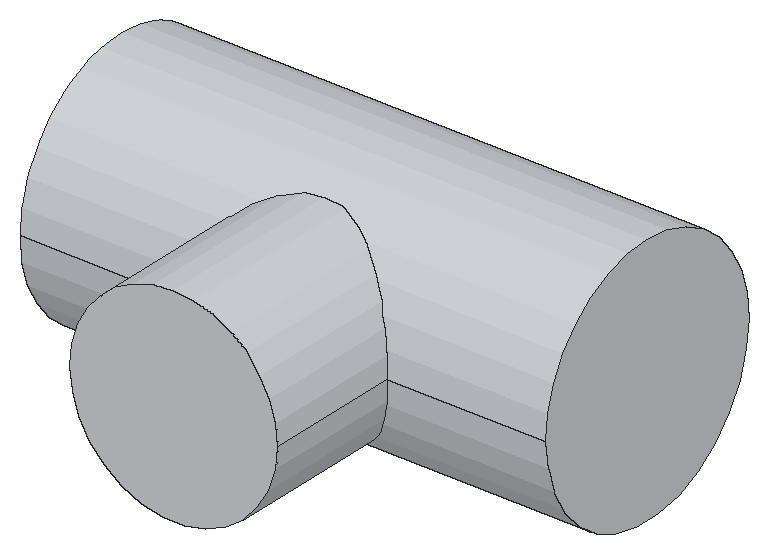
Revit family "Tê de ramificação reduzida - Soquete - Aço", category Conexões de tubo, Revit 2019
Family settings
  Cota do conector redondo = Usar raio
  Tipo de parte = Tê
  Com base no plano de trabalho = Não
  Sempre na vertical = Sim
  Corte com vazios quando carregada = Não
  Compartilhado = Não
Parameters (values of type "Padrão")
  Tamanho da marca de revisão [instance] = Diâmetro externo da conexão * 0.4  # 29.2 mm
  Raio nominal 2 [instance] = 25 mm
  Raio nominal 1 [instance] = 32.5 mm
  Diâmetro nominal 2 [instance] = Raio nominal 2 * 2  # 50 mm
  Diâmetro nominal 1 [instance] = Raio nominal 1 * 2  # 65 mm
  Raio externo máximo da conexão [instance] = if(Raio externo da conexão > Raio externo da ramificação, Raio externo da conexão, Raio externo da ramificação)  # 36.5 mm
  Método de perda = Coeficiente K da tabela
  Nome da tabela de pesquisa = "BR_Tee Branch Reduced - Socket - Steel"
  Centro pra a legenda da extremidade [instance] = if(Centro para a extremidade * tan(Ângulo 1 / 2) > Raio externo máximo da conexão, Centro para a extremidade, Raio externo máximo da conexão / tan(Ângulo 1 / 2))  # 76 mm
  Tabela de coeficiente K = "Tê"
  Raio externo da conexão [instance] = Diâmetro externo da conexão / 2  # 36.5 mm
  Diâmetro externo da conexão [instance] = size_lookup(Nome da tabela de pesquisa, "FOD", Diâmetro nominal 1 + 13.1 mm, Diâmetro nominal 1)  # 73 mm
  Centro para a extremidade [instance] = size_lookup(Nome da tabela de pesquisa, "CtE", 0.69 * Diâmetro nominal 1 + 33.5 mm, Diâmetro nominal 1)  # 76 mm
  Centro para a ramificação [instance] = size_lookup(Nome da tabela de pesquisa, "CtB", 0.64 * Diâmetro nominal 1 + 27.8 mm, Diâmetro nominal 1, Diâmetro nominal 2)  # 70 mm
  Raio externo da ramificação [instance] = Diâmetro externo da ramificação / 2  # 30 mm
  Diâmetro externo da ramificação [instance] = size_lookup(Nome da tabela de pesquisa, "BOD", Diâmetro nominal 2 + 11.2 mm, Diâmetro nominal 1, Diâmetro nominal 2)  # 60 mm
  Ângulo 1 [instance] = if(Ângulo > 90.00°, 180.00° - Ângulo, Ângulo)  # 90.00°
  Ângulo [instance] = 90.00°
Reference planes
  plane 1 "Centro (frente/trás)": y = 0
  plane 2: z = 0
  plane 3 "Centro (direita/esquerda)": x = 0
  plane 4: x = -76
  plane 5: x = 76
  plane 6: y = 29.2
  plane 7: y = -29.2
Forms (mm)
  Sweep 1, solid, detail levels fine
    path in 3D
      loop
        line (-76, 0, 0) -> (76, 0, 0)
    profile origin (0, 0, 0) x (0, 1, 0) y (0, 0, 1)
      loop
        circle (0, 0) r 36.5
  Sweep 2, solid, detail levels fine
    path in 3D
      loop
        line (0, 0, 0) -> (0, -76, 0)
    profile origin (0, -38, 0) x (1, 0, 0) y (0, 0, 1)
      loop
        circle (0, 0) r 30
Cuts and joins
  joined: Sweep 1, Sweep 2
Lines and regions (mm)
  model lines, detail levels coarse+medium
    curve 1: line (-76, 0, 0) -> (76, 0, 0)
    curve 2: line (0, 0, 0) -> (0, -76, 0)
    curve 3: line (-76, 29.2, 0) -> (-76, -29.2, 0)
    curve 4: line (76, 29.2, 0) -> (76, -29.2, 0)
    curve 5: line (0, -76, 0) -> (29.2, -76, 0)
    curve 6: line (0, -76, 0) -> (-29.2, -76, 0)
  sketch lines
    curve 7: line (-76, 0, 0) -> (76, 0, 0)
    curve 8: line (0, 0, 0) -> (0, -76, 0)
Dimensions and locks
  "Centro pra a legenda da extremidade": plane 4 to plane 3 "Centro (direita/esquerda)"
  equal spacing: plane 4, plane 3 "Centro (direita/esquerda)", plane 5
  "Centro pra a legenda da extremidade": curve 2 to curve 2
  "Tamanho da marca de revisão": plane 6 to plane 1 "Centro (frente/trás)"
  "Tamanho da marca de revisão": plane 7 to plane 1 "Centro (frente/trás)"
  "Tamanho da marca de revisão": curve 6 to curve 6
  "Tamanho da marca de revisão": curve 5 to curve 5
  "Raio externo da conexão": radius of Sweep 1 sketch curve
  "Raio externo da ramificação": radius of Sweep 2 sketch curve
  "Ângulo": angle curve 2 to plane 1 "Centro (frente/trás)"
  "Ângulo": angle curve 5 to plane 3 "Centro (direita/esquerda)"
  "Ângulo": angle curve 6 to plane 3 "Centro (direita/esquerda)"
  aligned and locked: plane 4 to curve 1
  aligned and locked: plane 5 to curve 1
  aligned and locked: plane 1 "Centro (frente/trás)" to curve 1
  aligned and locked: plane 3 "Centro (direita/esquerda)" to curve 2
  aligned and locked: plane 1 "Centro (frente/trás)" to curve 2
  aligned and locked: plane 6 to curve 3
  aligned and locked: plane 7 to curve 3
  aligned and locked: curve 3 to plane 4
  aligned and locked: plane 6 to curve 4
  aligned and locked: plane 7 to curve 4
  aligned and locked: plane 5 to curve 4
Automatic sketch dimensions
  Sweep 1 sketch curve to profile plane = 0 mm  (x2)
  Sweep 2 sketch curve to profile plane = 0 mm  (x2)
Connectors
  piping at (-76, 0, 0), diameter 65, driven by "Raio nominal 1"
    settings: on cut or joined group of Sweep 1, Sweep 2, index 1, connector inside diameter 65 mm, connector length 0 mm, flow factor 0, pipe flow 0.0 L/s, pressure drop 0.0 Pa, fitting loss kfactor 0, connector angle 0.00°, fixture units 0, engagement length 0 mm, angle of deflection 0.00°, flow configuration 0, flow direction 0, fitting loss method 0, system type 28, joint type 0, gender type 0, connector reference index 2, connector utility 0, adjustable connector no, is connector primary yes, connector description ""
  piping at (76, 0, 0), diameter 65, driven by "Raio nominal 1"
    settings: on cut or joined group of Sweep 1, Sweep 2, index 2, connector inside diameter 65 mm, connector length 0 mm, flow factor 0, pipe flow 0.0 L/s, pressure drop 0.0 Pa, fitting loss kfactor 0, connector angle 0.00°, fixture units 0, engagement length 0 mm, angle of deflection 0.00°, flow configuration 0, flow direction 0, fitting loss method 0, system type 28, joint type 0, gender type 0, connector reference index 1, connector utility 0, adjustable connector no, is connector primary no, connector description ""
  piping at (0, -76, 0), diameter 50, driven by "Raio nominal 2", driven by "Ângulo"
    settings: on cut or joined group of Sweep 1, Sweep 2, index 3, connector inside diameter 50 mm, connector length 0 mm, flow factor 0, pipe flow 0.0 L/s, pressure drop 0.0 Pa, fitting loss kfactor 0, connector angle 90.00°, fixture units 0, engagement length 0 mm, angle of deflection 0.00°, flow configuration 0, flow direction 0, fitting loss method 0, system type 28, joint type 0, gender type 0, connector reference index -1, connector utility 0, adjustable connector no, is connector primary no, connector description ""
